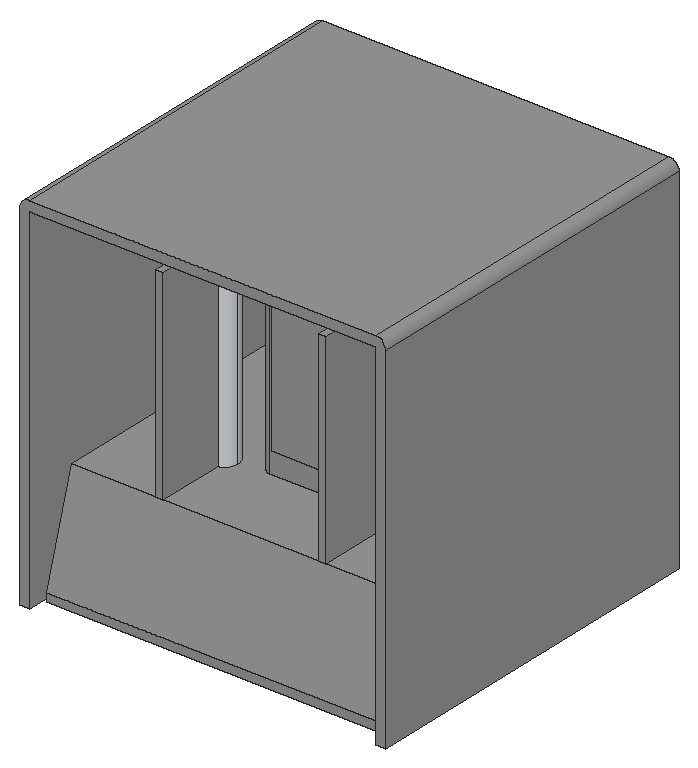
Revit family "0047137", category Lighting Fixtures, host Face, Revit 2018
Family settings
  Host = Face
  Round Connector Dimension = Use Diameter
  Part Type = Normal
  OmniClass Number = 23.80.70.00
  OmniClass Title = Lighting
  Cut with Voids When Loaded = No
  Light Source = Yes
  Shared = No
  Room Calculation Point = No
Parameters (values of type "0047137 ST SRF WLL C IP54 2X140LM 2CCT WHT")
  Width = 108 mm
  Weight = "n/a"
  Wattage Comments = ""
  Wattage = 9.2903 W
  WarrantyStartDate [instance] = "n/a"
  WarrantyGuarantorParts = "n/a"
  WarrantyDurationUnit = "n/a"
  WarrantyDurationParts = ""
  WarrantyDescription = "http://www.sylvania-lighting.com"
  built-in parameter 1150110 = 1 (stored number, unit not read)
  Voltage = 0 V
  URL = "0.66"
  TypeName = "START Surface Wall Cube IP54 2x140lm 2CCT White"
  Type Image = <None>
  Type Comments = "n/a"
  built-in parameter 1114217 = 1 (stored number, unit not read)
  Tilt Angle = 60.00°
  built-in parameter 1150109 = 1 (stored number, unit not read)
  built-in parameter 1150134 = 3
  built-in parameter 1150113 = 1 (stored number, unit not read)
  SerialNumber [instance] = "n/a"
  Photometric Web File = "0047137.IES"
  Material_3_SYL = none
  PowerFactor = 0
  PowerConsumption = "Lighting"
  NominalLength = 108 mm
  NominalHeight = 0 mm
  NominalDepth = 0 mm
  Name = "START Surface Wall Cube IP54 2x140lm 2CCT White"
  ModelReference = Name  # "START Surface Wall Cube IP54 2x140lm 2CCT White"
  ModelNumber = "0047137"
  Model = Name  # "START Surface Wall Cube IP54 2x140lm 2CCT White"
  Material = "Feilo Sylvania"
  ManufacturerName = "48 lm/W"
  Manufacturer = ""
  LuminousEfficacy = ""
  built-in parameter 1150105 = 109.82 (stored number, unit not read)
  Lumens = 1380 lm
  LuminaireType = "0"
  built-in parameter 1150115 = 1 (stored number, unit not read)
  LightOutputRatio = "LED"
  built-in parameter 1150137 = (empty or 0)
  built-in parameter 1150139 = (empty or 0)
  Length = 108 mm
  LampsType = Lamp  # "n/a"
  LampNominalLuminous = "Not Applicable K"
  LampMacAdamStep = "80"
  LampColourTemperature = "LED"
  LampColourRenderingIndex = "16500"
  built-in parameter 1150112 = 1 (stored number, unit not read)
  built-in parameter 1150114 = 1 (stored number, unit not read)
  Lamp = "n/a"
  Keynote = "n/a"
  InstallationDate [instance] = "n/a"
  InputVoltage = "0"
  InputNominalFrequency = "Not Applicable"
  built-in parameter 1150132 = (empty or 0)
  built-in parameter 1150102 = (empty or 0)
  built-in parameter 1150107 = 3200 (stored number, unit not read)
  built-in parameter 1150138 = (empty or 0)
  IngressProtection = "IfcLightFixtureType"
  ImpactProtectionIndex = "IfcLightFixtureType"
  built-in parameter 1150106 = 1.0982 (stored number, unit not read)
  IfcExportType = "IfcLightFixtureType"
  IfcExportAs = "Class I"
  Height = 108 mm
  Emit from Circle Diameter = 609.6 mm
  Emit Shape Visible in Rendering = no
  ElectricShockClassification = "48"
  built-in parameter 1150104 = 13.8 (stored number, unit not read)
  DocumentationLiterature = "http://www.sylvania-lighting.com/product/en-int/products/0047137"
  DimmingControlOptions = "n/a"
  Material_2_SYL = none
  Dimming Lamp Color Temperature Shift = <None>
  Description = "Exterior adjustable surface wall up and down light luminaire, white aluminium- RAL9016, 280lm, 5.8W, 48lm/W, 3000/4000K switchable CCT, CRI 80, IP54, IK05, 108x108x108mm, Class I"
  Default Elevation = 1219.2 mm
  CreatedOn = "15/07/2022"
  CreatedBy = "@sylvania-lighting.com"
  Cost = 0
  Color Filter = 16777215
  built-in parameter 1114216 [instance] = (empty or 0)
  ClassificationValue = "EF_70_80"
  ClassificationName = "Uniclass2015"
  Material_1_SYL = none
  BarCode [instance] = "n/a"
  built-in parameter 1114218 = 1 (stored number, unit not read)
  built-in parameter 1150133 = 10 (stored number, unit not read)
  AssetType = "Fixed"
  AssetIdentifier [instance] = "n/a"
  Assembly Code = "D5020200"
  Apparent Load = 5.8 VA
  Material_4_SYL = Glass, White, High Luminance
Reference planes
  plane 1 "Center (Front/Back)": y = 0
  plane 2: z = 0
  plane 3 "Center (Left/Right)": x = 0
  plane 4: y = 54
  plane 5: y = -54
  plane 6: x = -54
  plane 7: x = 54
  plane 8: z = 108
  plane 9: z = 105
  plane 10: x = -51
  plane 11: x = 51
  plane 12: y = 49
  plane 13: y = -49
  plane 14: z = 2.5
  plane 15: y = 40
  plane 16: y = -40
  plane 17: z = 32.5
  plane 18: x = -50
  plane 19: x = 50
  plane 20: y = 15
  plane 21: y = -15
  plane 22: x = -18
  plane 23: x = 18
  plane 24: x = -12.5
  plane 25: x = 12.5
  plane 26: z = 92.5
  plane 27: x = -39
  plane 28: x = 39
  plane 29: y = 35
  plane 30: y = -35
  plane 31: z = 39.5
  plane 32: z = 89.5
  plane 33: x = 10
  plane 34: x = -10
  plane 35: x = 24
  plane 36: x = -24
  plane 37: y = 10
  plane 38: x = 25
  plane 39: x = 23
  plane 40: y = 14
  plane 41: x = -25
  plane 42: x = -23
Forms (mm)
  Extrusion 1, solid, material "Aluminum"
    sketch origin (0, 0, 0) x (1, 0, 0) y (0, 0, 1)
      loop
        line (-54, 0) -> (-51, 0) -> (-51, 105) -> (51, 105) -> (51, 0) -> (54, 0) -> (54, 105)
        arc (54, 105) -> (53.121, 107.121) -> (51, 108) r 3
        line (51, 108) -> (-51, 108)
        arc (-51, 108) -> (-53.121, 107.121) -> (-54, 105) r 3
        line (-54, 105) -> (-54, 0)
    from -54 to 54
  Extrusion 2, solid, material "Aluminum"
    sketch origin (319, 1524, 1219.2) x (0, 1, 0) y (0, 0, 1)
      loop
        line (-1475, -1219.2) -> (-1475, -1216.7) -> (-1484, -1186.7) -> (-1564, -1186.7) -> (-1573, -1216.7) -> (-1573, -1219.2) -> (-1475, -1219.2)
    from -369 to -269
  Extrusion 3, solid, material "Aluminum"
    sketch origin (0, 0, 0) x (1, 0, 0) y (0, 1, 0)
      loop
        arc (-13.129, -14.224) -> (-12.427, -14.796) -> (-11.545, -15) r 2.006
        line (-11.545, -15) -> (11.566, -15)
        arc (11.566, -15) -> (12.428, -14.8) -> (13.115, -14.242) r 1.963
        arc (13.115, -14.242) -> (18, -0.01) -> (13.128, 14.226) r 23.205
        arc (13.128, 14.226) -> (12.427, 14.796) -> (11.547, 15) r 2
        line (11.547, 15) -> (-11.557, 15)
        arc (-11.557, 15) -> (-12.428, 14.798) -> (-13.121, 14.234) r 1.981
        arc (-13.121, 14.234) -> (-18, 0.007) -> (-13.129, -14.224) r 23.205
    from 32.5 to 92.5
  Extrusion 4, solid, material "Aluminum"
    sketch origin (0, 0, 0) x (1, 0, 0) y (0, 1, 0)
      loop
        arc (-38.044, 35) -> (-38.72, 34.72) -> (-39, 34.044) r 0.956
        line (-39, 34.044) -> (-39, -34.021)
        arc (-39, -34.021) -> (-38.713, -34.713) -> (-38.021, -35) r 0.979
        line (-38.021, -35) -> (38.04, -35)
        arc (38.04, -35) -> (38.719, -34.719) -> (39, -34.04) r 0.96
        line (39, -34.04) -> (39, 34.048)
        arc (39, 34.048) -> (38.721, 34.721) -> (38.048, 35) r 0.952
        line (38.048, 35) -> (-38.044, 35)
    from 92.5 to 95.5
  Extrusion 5, solid, material "Glass, White, High Luminance"
    sketch origin (0, 0, 0) x (1, 0, 0) y (0, 0, 1)
      loop
        line (-10, 89.5) -> (-10, 39.5) -> (10, 39.5) -> (10, 89.5) -> (-10, 89.5)
    from 15 to 16
  Extrusion 6, solid, material "Glass, White, High Luminance"
    sketch origin (1.276, 31, 0) x (1, 0, 0) y (0, 0, 1)
      loop
        line (-11.276, 89.5) -> (-11.276, 39.5) -> (8.724, 39.5) -> (8.724, 89.5) -> (-11.276, 89.5)
    from 15 to 16
  Extrusion 7, solid, material "Aluminum"
    sketch origin (0, 0, 0) x (1, 0, 0) y (0, 1, 0)
      loop
        line (25, 14) -> (25, 40) -> (23, 40) -> (23, 14) -> (25, 14)
    from 32.5 to 92.5
  Extrusion 8, solid
    sketch origin (0, 0, 0) x (1, 0, 0) y (0, 1, 0)
      loop
        circle (24, 14) r 4
    from 32.5 to 92.5
  Extrusion 9, solid
    sketch origin (-48, 0, 0) x (1, 0, 0) y (0, 1, 0)
      loop
        circle (24, 14) r 4
    from 32.5 to 92.5
  Extrusion 10, solid, material "Aluminum"
    sketch origin (-48, 0, 0) x (1, 0, 0) y (0, 1, 0)
      loop
        line (25, 14) -> (25, 40) -> (23, 40) -> (23, 14) -> (25, 14)
    from 32.5 to 92.5
  Extrusion 11, solid
    sketch origin (-48, -30, 0) x (1, 0, 0) y (0, 1, 0)
      loop
        circle (24, 14) r 4
    from 32.5 to 92.5
  Extrusion 12, solid
    sketch origin (0, -30, 0) x (1, 0, 0) y (0, 1, 0)
      loop
        circle (24, 14) r 4
    from 32.5 to 92.5
  Extrusion 13, solid, material "Aluminum"
    sketch origin (-48.306, -54, 0) x (1, 0, 0) y (0, 1, 0)
      loop
        line (25.306, 14) -> (25.306, 40) -> (23.306, 40) -> (23.306, 14) -> (25.306, 14)
    from 32.5 to 92.5
  Extrusion 14, solid, material "Aluminum"
    sketch origin (-0.306, -54, 0) x (1, 0, 0) y (0, 1, 0)
      loop
        line (25.306, 14) -> (25.306, 40) -> (23.306, 40) -> (23.306, 14) -> (25.306, 14)
    from 32.5 to 92.5
Dimensions and locks
  "Width": plane 4 to plane 5
  equal spacing: plane 4, plane 1 "Center (Front/Back)", plane 5
  equal spacing: plane 6, plane 3 "Center (Left/Right)", plane 7
  "Length": plane 6 to plane 7
  "Height": plane 8 to level
  aligned and locked: plane 2 to host face
  aligned and locked: level to host face
Automatic sketch dimensions
  host sketch curve to host sketch curve = 2438.4 mm  (x2)
  Extrusion 1 sketch curve to level = 0 mm  (x2)
  Extrusion 1 sketch curve to plane 6 = 0 mm
  Extrusion 1 sketch curve to plane 8 = 0 mm
  Extrusion 1 sketch curve to plane 10 = 0 mm  (x2)
  Extrusion 1 sketch curve to plane 9 = 0 mm
  Extrusion 1 sketch curve to plane 11 = 0 mm  (x2)
  Extrusion 1 sketch curve to plane 7 = 0 mm
  Extrusion 2 sketch curve to level = 0 mm
  Extrusion 2 sketch curve to plane 13 = 0 mm
  Extrusion 2 sketch curve to plane 16 = 0 mm
  Extrusion 2 sketch curve to plane 15 = 0 mm
  Extrusion 2 sketch curve to plane 12 = 0 mm
  Extrusion 2 sketch curve to plane 14 = 0 mm  (x2)
  Extrusion 2 sketch curve to plane 17 = 0 mm
  Extrusion 3 sketch curve to plane 20 = 0 mm
  Extrusion 3 sketch curve to plane 21 = 0 mm
  plane 1 "Center (Front/Back)" to Extrusion 3 sketch curve = 0 mm  (x2)
  plane 24 to Extrusion 3 sketch curve = 0.943 mm
  plane 24 to Extrusion 3 sketch curve = 0.955 mm
  plane 34 to Extrusion 3 sketch curve = 4.795 mm
  Extrusion 3 sketch curve to plane 33 = 4.795 mm
  Extrusion 3 sketch curve to plane 25 = 0.953 mm
  Extrusion 3 sketch curve to plane 25 = 0.934 mm
  Extrusion 3 sketch curve to Extrusion 3 sketch curve = 1.963 mm
  Extrusion 3 sketch curve to Extrusion 3 sketch curve = 2.006 mm
  Extrusion 3 sketch curve to plane 40 = 1 mm
  Extrusion 3 sketch curve to plane 40 = 0.981 mm
  Extrusion 3 sketch curve to Extrusion 3 sketch curve = 0 mm  (x2)
  Extrusion 4 sketch curve to plane 27 = 0 mm
  Extrusion 4 sketch curve to plane 29 = 0 mm
  Extrusion 4 sketch curve to plane 30 = 0 mm
  Extrusion 4 sketch curve to plane 28 = 0 mm
  Extrusion 4 sketch curve to Extrusion 4 sketch curve = 0.956 mm
  Extrusion 4 sketch curve to Extrusion 4 sketch curve = 0.979 mm
  Extrusion 4 sketch curve to plane 28 = 0.96 mm
  Extrusion 4 sketch curve to Extrusion 4 sketch curve = 0.952 mm
  Extrusion 5 sketch curve to plane 31 = 0 mm
  Extrusion 5 sketch curve to plane 34 = 0 mm
  Extrusion 5 sketch curve to plane 33 = 0 mm
  Extrusion 5 sketch curve to plane 32 = 0 mm
  Extrusion 6 sketch curve to plane 31 = 0 mm
  Extrusion 6 sketch curve to plane 34 = 0 mm
  Extrusion 6 sketch curve to plane 33 = 0 mm
  Extrusion 6 sketch curve to plane 32 = 0 mm
  Extrusion 7 sketch curve to plane 39 = 0 mm
  plane 15 to Extrusion 7 sketch curve = 0 mm
  Extrusion 7 sketch curve to plane 38 = 0 mm
  Extrusion 7 sketch curve to plane 40 = 0 mm
  Extrusion 8 sketch curve to plane 35 = 0 mm
  Extrusion 8 sketch curve to plane 40 = 0 mm
  Extrusion 9 sketch curve to plane 36 = 0 mm
  Extrusion 9 sketch curve to plane 40 = 0 mm
  Extrusion 10 sketch curve to plane 40 = 0 mm
  Extrusion 10 sketch curve to plane 41 = 0 mm
  plane 15 to Extrusion 10 sketch curve = 0 mm
  Extrusion 10 sketch curve to plane 42 = 0 mm
  Extrusion 11 sketch curve to plane 36 = 0 mm
  Extrusion 11 sketch curve to plane 21 = 1 mm
  Extrusion 12 sketch curve to plane 35 = 0 mm
  Extrusion 12 sketch curve to plane 21 = 1 mm
  plane 16 to Extrusion 13 sketch curve = 0 mm
  Extrusion 13 sketch curve to plane 41 = 0 mm
  Extrusion 13 sketch curve to plane 42 = 0 mm
  plane 21 to Extrusion 13 sketch curve = 1 mm
  plane 16 to Extrusion 14 sketch curve = 0 mm
  Extrusion 14 sketch curve to plane 39 = 0 mm
  Extrusion 14 sketch curve to plane 38 = 0 mm
  plane 21 to Extrusion 14 sketch curve = 1 mm
  radius of Extrusion 8 sketch curve = 4 mm
  radius of Extrusion 9 sketch curve = 4 mm
  radius of Extrusion 11 sketch curve = 4 mm
  radius of Extrusion 12 sketch curve = 4 mm
Connectors
  electrical at (0, 0, 0), driven by "Apparent Load", driven by "PowerFactor", driven by "Voltage"
    settings: index 1, voltage 0 V, apparent load 5.8 VA, apparent load phase1 0 VA, apparent load phase2 0 VA, apparent load phase3 0 VA, power factor 0, load classification "Lighting", number of poles 1, system type 30, power factor state 1, is connector primary yes, connector utility no, sub classification motor no, connector description ""
